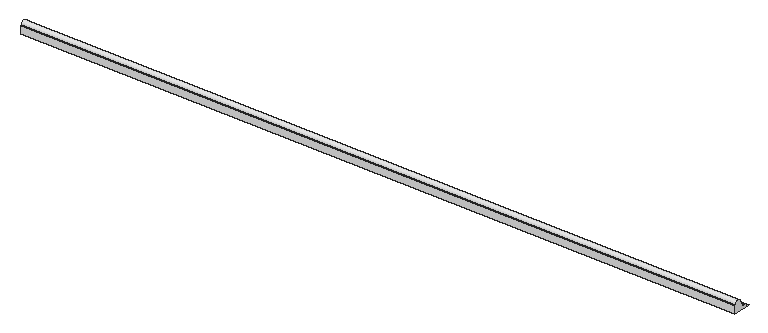
Revit family "13-MOULDING-CADS-143-PCBBASECAP-4-REVIT_Versatex-Generic-Model-BASE-CAP-CASING", category Generic Models, host Face, Revit 2026
Family settings
  Host = Face
  Can host rebar = No
  Round Connector Dimension = Use Diameter
  Part Type = Normal
  Cut with Voids When Loaded = No
  Maintain Annotation Orientation = No
  Shared = No
  Room Calculation Point = No
Parameters
  Model = "PCBBASECAP"
  Length = 4' - 0"
  Warranty = "https://versatex.com/warranty/"
  URL = "https://versatex.com/"
  Specification = "https://www.arcat.com/company/versatex-45716/spec?coid=45716"
  Sales Information = "https://versatex.com/dealer-locator/"
  Message Manufacturer = "https://versatex.com/contact/"
  Material = Versatex PVC - Smooth
  Manufacturer Website = "https://versatex.com/"
  Manufacturer Phone = "724-857-1111"
  Manufacturer Fax = "724-857-1171"
  Manufacturer Address = "400 Steel Street, Aliquippa, PA 15001"
  Manufacturer = "Versatex"
  Literature = "https://versatex.com/literature/?_sft_literature_category=cads"
  Description = "BASE CAP CASING"
  Default Elevation = 4' - 0"
  Copyright = "© 2024 VERSATEX Building Products, LLC"
Reference planes (in)
  plane 1 "Center (Front/Back)": y = 0
  plane 2: z = 0
  plane 3 "Center (Left/Right)": x = 0
  plane 4: x = 24
  plane 5: x = -24
Forms (in)
  Sweep 1, solid, material "Versatex PVC - Smooth" <- "Material"
    path origin (0, 0, 0) x (1, 0, 0) y (0, 1, 0)
      loop
        line (-24, 0) -> (24, 0)
    profile "Versatex_Profile_BASE CAP CASING : Versatex_Profile_BASE CAP CASING" origin (0, 0, 0) x (0, 1, 0) y (0, 0, 1)
      loop
        line (1.12586, 0.06378) -> (0.96677, 0.15406)
        arc (0.96677, 0.15406) -> (0.92369, 0.16572) -> (0.88154, 0.15103) r 0.07558
        line (0.88154, 0.15103) -> (0.81243, 0.1293)
        arc (0.81243, 0.1293) -> (0.74454, 0.12449) -> (0.68964, 0.16474) r 0.09881
        line (0.68964, 0.16474) -> (0.45575, 0.60893)
        arc (0.45575, 0.60893) -> (0.22529, 0.67055) -> (0.10103, 0.46691) r 0.19917
        line (0.10103, 0.46691) -> (0, 0.46691) -> (0, 0) -> (1.13536, 0)
        arc (1.13536, 0) -> (1.14824, 0.03452) -> (1.12586, 0.06378) r 0.03807
Dimensions and locks (in)
  "Length": plane 5 to plane 4
  equal spacing: plane 5, plane 3 "Center (Left/Right)", plane 4, locked at 24 each
  aligned and locked: plane 2 to host face
  aligned and locked: level to host face
Automatic sketch dimensions
  host sketch curve to host sketch curve = 8' - 0"  (x2)
  plane 1 "Center (Front/Back)" to Sweep 1 sketch curve = 0' - 0"
  Sweep 1 sketch curve to plane 5 = 0' - 0"
  Sweep 1 sketch curve to plane 4 = 0' - 0"
